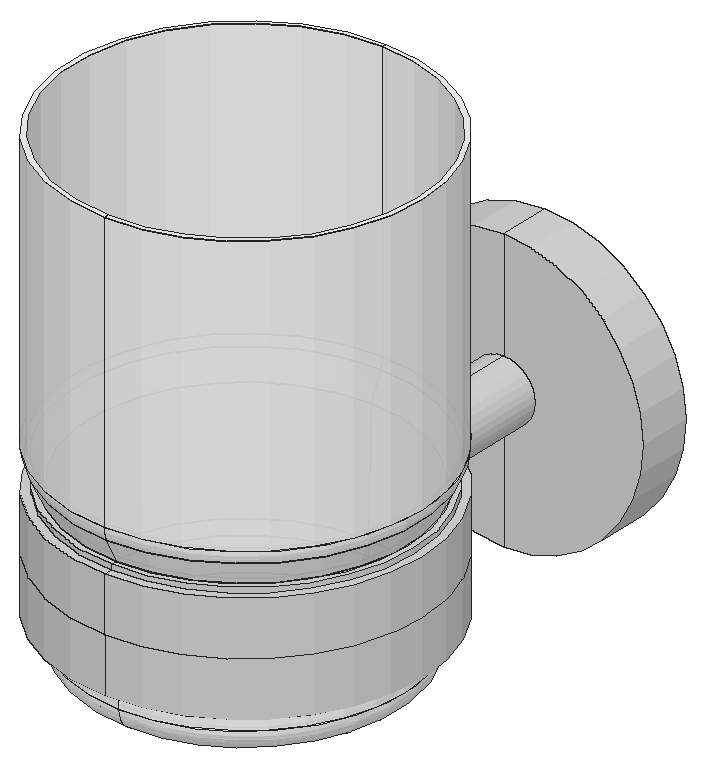
Revit family "Reece_Accessory_GROHE_Essentials_Tumbler and Holder", category Plumbing Fixtures, Revit 2018
Family settings
  Round Connector Dimension = Use Diameter
  Part Type = Normal
  Work Plane-Based = Yes
  Always vertical = Yes
  Cut with Voids When Loaded = Yes
  Shared = Yes
  Room Calculation Point = Yes
Parameters (values of type "Chrome_Glass")
  URL = "https://www.reece.com.au/product/-9506961"
  Type Comments = "Accessory"
  Reece_Product_Web Page = "https://www.reece.com.au/product/-9506961"
  Reece_Product_Type = "Accessory"  # constant formula
  Reece_Product_Sub Brand = "Essentials"  # constant formula
  Reece_Product_Number = "9506961"
  Reece_Product_Mount = "Wall Mounted"
  Reece_Product_Description = "GROHE Essentials Accessories Tumbler Holder Chrome"
  Reece_Product_Brand = "GROHE"  # constant formula
  Reece_Overall_Width = 68 mm  # constant formula
  Reece_Overall_Height = 99 mm  # constant formula
  Reece_Material_Secondary = Reece_Safety Glass_Opaque
  Reece_Material_Main = Reece_Brass_Chrome
  Reece_Height_From_Level [instance] = 1000 mm
  Reece_Detail_Shape = ""
  Reece_Detail_Installation = ""
  Reece_Detail_Disclaimer = "THIS FILE IS THE PROPERTY OF THE REECE GROUP. IT MAY NOT BE REPRODUCED, REVERSE-ENGINEERED OR MODIFIED. ANY REPUBLICATION, TRANSMISSION OR DISTRIBUTION FOR THE PURPOSE OF COMMERCIALLY EXPLOITING THE FILES IS PROHIBITED."  # constant formula
  Reece_Detail_Connector = ""
  Reece_Detail_Additional = ""
  Reece_Accessory_Projection = 106 mm  # constant formula
  Model = "Essentials"
  Manufacturer = "GROHE"
  Keynote = "Product #9506961, Reece_Accessory_GROHE_Essentials_Tumbler and Holder - Chrome_Glass"
  Disclaimer = "THIS FILE IS THE PROPERTY OF THE REECE GROUP. IT MAY NOT BE REPRODUCED, REVERSE-ENGINEERED OR MODIFIED. ANY REPUBLICATION, TRANSMISSION OR DISTRIBUTION FOR THE PURPOSE OF COMMERCIALLY EXPLOITING THE FILES IS PROHIBITED."  # constant formula
  Description = "GROHE Essentials Accessories Tumbler Holder Chrome"
  Default Elevation = 0 mm
Types (2, lengths in mm): name | Keynote
  (no name) | "Product #9506961, Reece_Accessory_GROHE_Essentials_Tumbler and Holder -  "
  Chrome_Glass | "Product #9506961, Reece_Accessory_GROHE_Essentials_Tumbler and Holder - Chrome_Glass"
Reference planes
  plane 1 "Center (Front/Back)": y = 0
  plane 2 "Bottom Host Plane": z = -5
  plane 3 "Center (Left/Right)": x = 0
  plane 4 "Fixing Point": z = 1000
  plane 5: y = -72.007
  plane 6: y = -106
  plane 7: z = 973
  plane 8: z = 1072
  plane 9: x = -34
  plane 10: x = 34
Forms (mm)
  Revolve 1, solid, material "Reece_Brass_Chrome" <- "Reece_Material_Main"
    sketch origin (0, 0, 0) x (0, 1, 0) y (0, 0, 1)
      loop
        line (0, 1000) -> (0, 1027) -> (-10, 1027) -> (-10, 1006) -> (-38.247, 1006) -> (-38.247, 1000) -> (0, 1000)
      axis (-38.247, 1000) -> (0, 1000)
    angle from 0 to 360
  Revolve 2, solid, material "Reece_Brass_Chrome" <- "Reece_Material_Main"
    sketch origin (0, -3.007, 0) x (0, 1, 0) y (0, 0, 1)
      loop
        line (-37.59, 1011.5) -> (-37.59, 988.5) -> (-36.59, 988.5) -> (-36.59, 989.5) -> (-35, 989.5) -> (-35, 1000) -> (-35, 1010.5) -> (-36.59, 1010.5) -> (-36.59, 1011.5) -> (-37.59, 1011.5)
      axis (-69, 988.5) -> (-69, 1011.5)
    angle from 0 to 360
  Revolve 3, solid, material "Reece_Safety Glass_Opaque" <- "Reece_Material_Secondary"
    sketch origin (0, -3.007, 0) x (0, 1, 0) y (0, 0, 1)
      loop
        line (-35, 1072) -> (-36, 1072) -> (-36, 1018.478)
        arc (-36, 1018.478) -> (-36.115, 1017.466) -> (-36.455, 1016.505) r 4.5
        line (-36.455, 1016.505) -> (-38.802, 1011.695) -> (-39.5, 988.565) -> (-39.5, 985.55)
        arc (-39.5, 985.55) -> (-40.672, 982.722) -> (-43.5, 981.55) r 4
        line (-43.5, 981.55) -> (-69, 981.55) -> (-69, 980.55) -> (-43.5, 980.55)
        arc (-43.5, 980.55) -> (-39.964, 982.014) -> (-38.5, 985.55) r 5
        line (-38.5, 985.55) -> (-38.5, 988.55) -> (-37.809, 1011.45) -> (-35.557, 1016.067)
        arc (-35.557, 1016.067) -> (-35.141, 1017.241) -> (-35, 1018.478) r 5.5
        line (-35, 1018.478) -> (-35, 1072)
      axis (-69, 980.55) -> (-69, 1072)
    angle from 0 to 360
Cuts and joins
  joined: Revolve 1, Revolve 2
Lines and regions (mm)
  model lines, style "InvisibleLines"
    curve 1: line (0, 0, -5) -> (0, 0, 1000)
Text (mm)
  text "Reece ©" at (2514.984, -2415.798, 3086.03), in view "Reece Preview"
  text "Reece ©" at (-114.694, -159.166, -1020.679), in view "Ref. Level"
Dimensions and locks
  locked: plane 2 "Bottom Host Plane" to level at 5
  "Reece_Height_From_Level": plane 4 "Fixing Point" to level
  "Reece_Accessory_Projection": plane 6 to plane 1 "Center (Front/Back)"
  Revolve 3 sketch curve to plane 4 "Fixing Point" to Revolve 3 sketch curve = 18.45 mm locked, 72 mm locked
  "Reece_Overall_Width": plane 9 to plane 10
  "Reece_Overall_Height": plane 8 to plane 7
  locked: plane 7 to plane 4 "Fixing Point" at 27
  aligned and locked: plane 4 "Fixing Point" to curve 1
  aligned and locked: plane 2 "Bottom Host Plane" to curve 1
Automatic sketch dimensions
  curve 1 to plane 3 "Center (Left/Right)" = 0 mm
  curve 1 to plane 2 "Bottom Host Plane" = 0 mm
  plane 4 "Fixing Point" to Revolve 1 sketch curve = 0 mm  (x2)
  Revolve 1 sketch curve to plane 1 "Center (Front/Back)" = 0 mm
  plane 1 "Center (Front/Back)" to Revolve 1 sketch curve = 10 mm
  Revolve 1 sketch curve to plane 4 "Fixing Point" = 6 mm
  Revolve 1 sketch curve to Revolve 1 sketch curve = 28.247 mm
  Revolve 1 sketch curve to Revolve 1 sketch curve = 21 mm
  Revolve 1 sketch curve to Revolve 1 sketch curve = 3.247 mm
  Revolve 1 sketch curve to plane 1 "Center (Front/Back)" = 10 mm
  Revolve 3 sketch curve to Revolve 3 sketch curve = 0 mm  (x4)
  Revolve 3 sketch curve to plane 5 = 0 mm  (x2)
  plane 5 to Revolve 3 sketch curve = 25.5 mm
  plane 5 to Revolve 3 sketch curve = 28.5 mm
  plane 4 "Fixing Point" to Revolve 3 sketch curve = 11.435 mm
  Revolve 3 sketch curve to Revolve 3 sketch curve = 4 mm
  Revolve 3 sketch curve to plane 4 "Fixing Point" = 11.695 mm
  Revolve 3 sketch curve to Revolve 3 sketch curve = 1.698 mm
  Revolve 3 sketch curve to Revolve 3 sketch curve = 1 mm  (x2)
  Revolve 3 sketch curve to plane 4 "Fixing Point" = 11.45 mm
  Revolve 3 sketch curve to Revolve 3 sketch curve = 0.993 mm
  Revolve 3 sketch curve to Revolve 3 sketch curve = 4.045 mm
  Revolve 3 sketch curve to Revolve 3 sketch curve = 0.455 mm
  Revolve 3 sketch curve to plane 4 "Fixing Point" = 16.067 mm
  Revolve 3 sketch curve to Revolve 3 sketch curve = 0.899 mm
  Revolve 3 sketch curve to Revolve 3 sketch curve = 0.015 mm
  plane 7 to Revolve 3 sketch curve = 21.55 mm
  plane 8 to Revolve 3 sketch curve = 44.45 mm
  Revolve 2 sketch curve to plane 5 = 0 mm
  plane 4 "Fixing Point" to Revolve 2 sketch curve = 0 mm
  Revolve 2 sketch curve to plane 4 "Fixing Point" = 11.5 mm  (x2)
  Revolve 2 sketch curve to Revolve 2 sketch curve = 31.41 mm
  Revolve 2 sketch curve to Revolve 2 sketch curve = 1 mm  (x4)
  Revolve 2 sketch curve to Revolve 2 sketch curve = 1.59 mm
  plane 4 "Fixing Point" to Revolve 2 sketch curve = 10.5 mm
  plane 4 "Fixing Point" to Revolve 2 sketch curve = 11.5 mm
